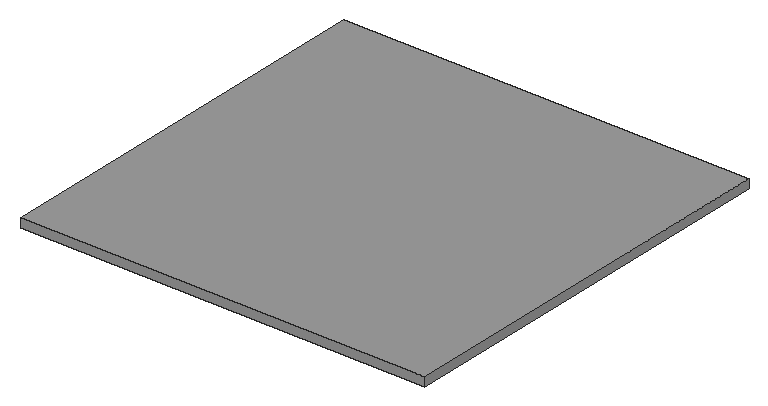
Revit family "BK-BK Inverted Roof 90mm Family", category Generic Models, host Floor, Revit 2017
Family settings
  Host = Floor
  Can host rebar = No
  Round Connector Dimension = Use Diameter
  Part Type = Normal
  Always vertical = Yes
  Cut with Voids When Loaded = No
  Shared = No
  Room Calculation Point = No
Parameters (values of type "Lambdaboard")
  Width = 4000 mm
  URL = "www.rigifoam.com"
  Type Comments = "duncan@rigifoam.com"
  Thermal Resistance = 3.7500 (m²·K)/W
  Thermal Conductivity = 0.0240 W/(m·K)
  Model = "BK/BK Inverted Roof 90mm"
  Material = Polyisocyanurate
  Manufacturer = "Lambdaboard"
  Length = 4000 mm
  Slab Thickness = 300 mm
  Description = "Flexible PIR Insulation"
  Depth = 90 mm
  Density = 40.0000 kg/m³
Reference planes
  plane 1 "Center (Front/Back)": y = 0
  plane 2: z = 0
  plane 3 "Center (Left/Right)": x = 0
Forms (mm)
  Extrusion 1, solid, material "Polyisocyanurate" <- "Material"
    sketch origin (0, 0, 0) x (1, 0, 0) y (0, 1, 0)
      loop
        line (-2000, 2000) -> (-2000, -2000) -> (2000, -2000) -> (2000, 2000) -> (-2000, 2000)
    from -300 to -390
Dimensions and locks
  "Depth": Extrusion 1 to Extrusion 1
  "Length": Extrusion 1 to Extrusion 1
  "Width": Extrusion 1 to Extrusion 1
  "Slab Thickness": plane 2 to Extrusion 1
  aligned and locked: level to plane 2
Automatic sketch dimensions
  Extrusion 1 sketch curve to plane 3 "Center (Left/Right)" = 2000 mm
  plane 3 "Center (Left/Right)" to Extrusion 1 sketch curve = 2000 mm
  plane 1 "Center (Front/Back)" to Extrusion 1 sketch curve = 2000 mm
  Extrusion 1 sketch curve to plane 1 "Center (Front/Back)" = 2000 mm
